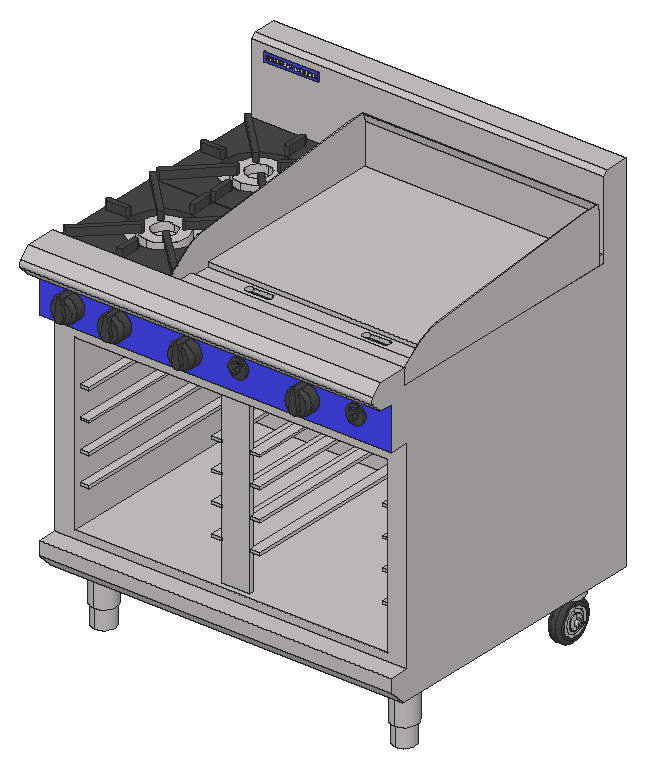
Revit family "QF_MOFFAT_BLUESEAL_CE_G516B-CB", category Specialty Equipment, Revit 2012 (continued)
Definition of nested family "GAS BURNER300 & GRIDDLE 600"
  Forms (mm)
    Extrusion 2, solid, material "QF_Finishes_Black"
      sketch origin (0, 0, 19.5) x (0, -1, 0) y (1, 0, 0)
        loop
          spline (193.424, 185.975) -> (192.663, 184.905) -> (192.262, 183.601) -> (192.249, 182.149) -> (192.625, 180.65) -> (193.363, 179.205) -> (194.414, 177.914) -> (195.705, 176.863) -> (197.15, 176.125) -> (198.649, 175.749) -> (200.101, 175.762) -> (201.405, 176.163) -> (202.475, 176.924)
          line (202.475, 176.924) -> (313.898, 284.847)
        loop
          spline (311.102, 143.6) -> (312.396, 143.818) -> (313.602, 144.457) -> (314.638, 145.475) -> (315.432, 146.8) -> (315.932, 148.344) -> (316.102, 150) -> (315.932, 151.656) -> (315.432, 153.2) -> (314.638, 154.525) -> (313.602, 155.543) -> (312.396, 156.182) -> (311.102, 156.4)
          line (311.102, 156.4) -> (261.898, 156.4)
          spline (261.898, 156.4) -> (260.604, 156.182) -> (259.398, 155.543) -> (258.362, 154.525) -> (257.568, 153.2) -> (257.068, 151.656) -> (256.898, 150) -> (257.068, 148.344) -> (257.568, 146.8) -> (258.362, 145.475) -> (259.398, 144.457) -> (260.604, 143.818) -> (261.898, 143.6)
          line (261.898, 143.6) -> (311.102, 143.6)
        loop
          line (313.898, 15.153) -> (202.475, 123.076)
          spline (202.475, 123.076) -> (201.405, 123.837) -> (200.101, 124.238) -> (198.649, 124.251) -> (197.15, 123.875) -> (195.705, 123.137) -> (194.414, 122.086) -> (193.363, 120.795) -> (192.625, 119.35) -> (192.249, 117.851) -> (192.262, 116.399) -> (192.663, 115.095) -> (193.424, 114.025)
          line (193.424, 114.025) -> (304.847, 6.102)
          spline (304.847, 6.102) -> (305.916, 5.341) -> (307.221, 4.941) -> (308.672, 4.928) -> (310.171, 5.303) -> (311.616, 6.041) -> (312.908, 7.092) -> (313.959, 8.384) -> (314.697, 9.829) -> (315.072, 11.328) -> (315.059, 12.779) -> (314.659, 14.084) -> (313.898, 15.153)
        loop
          line (172.9, 8.898) -> (172.9, 58.102)
          spline (172.9, 58.102) -> (172.682, 59.396) -> (172.043, 60.602) -> (171.025, 61.638) -> (169.7, 62.432) -> (168.156, 62.932) -> (166.5, 63.102) -> (164.844, 62.932) -> (163.3, 62.432) -> (161.975, 61.638) -> (160.957, 60.602) -> (160.318, 59.396) -> (160.1, 58.102)
          line (160.1, 58.102) -> (160.1, 8.898)
          spline (160.1, 8.898) -> (160.318, 7.604) -> (160.957, 6.398) -> (161.975, 5.362) -> (163.3, 4.568) -> (164.844, 4.068) -> (166.5, 3.898) -> (168.156, 4.068) -> (169.7, 4.568) -> (171.025, 5.362) -> (172.043, 6.398) -> (172.682, 7.604) -> (172.9, 8.898)
      from 0 to 20.5
    Extrusion 3, solid, material "QF_Finishes_Stainless Steel"
      sketch origin (0, -15.098, 0) x (0, -1, 0) y (1, 0, 0)
        loop
          circle (151.402, 150) r 57
        loop
          circle (451.402, 150) r 57
        loop
          circle (151.402, 150) r 30
        loop
          circle (451.402, 150) r 30
      from 0 to 20
  Lines and regions (mm)
    symbolic lines
      curve 1: line (284.847, -22.602, 0) -> (176.924, -130.525, 0)
      curve 2: spline (176.924, -130.525, 0) -> (176.163, -131.595, 0) -> (175.762, -132.899, 0) -> (175.749, -134.351, 0) -> (176.125, -135.85, 0) -> (176.863, -137.295, 0) -> (177.914, -138.586, 0) -> (179.205, -139.637, 0) -> (180.65, -140.375, 0) -> (182.149, -140.751, 0) -> (183.601, -140.738, 0) -> (184.905, -140.337, 0) -> (185.975, -139.576, 0)
      curve 3: line (185.975, -139.576, 0) -> (293.898, -31.653, 0)
      curve 4: spline (293.898, -31.653, 0) -> (294.659, -30.584, 0) -> (295.059, -29.279, 0) -> (295.072, -27.828, 0) -> (294.697, -26.329, 0) -> (293.959, -24.884, 0) -> (292.908, -23.592, 0) -> (291.616, -22.541, 0) -> (290.171, -21.803, 0) -> (288.672, -21.428, 0) -> (287.221, -21.441, 0) -> (285.916, -21.841, 0) -> (284.847, -22.602, 0)
      curve 5: line (291.102, -160.1, 0) -> (241.898, -160.1, 0)
      curve 6: spline (241.898, -160.1, 0) -> (240.604, -160.318, 0) -> (239.398, -160.957, 0) -> (238.362, -161.975, 0) -> (237.568, -163.3, 0) -> (237.068, -164.844, 0) -> (236.898, -166.5, 0) -> (237.068, -168.156, 0) -> (237.568, -169.7, 0) -> (238.362, -171.025, 0) -> (239.398, -172.043, 0) -> (240.604, -172.682, 0) -> (241.898, -172.9, 0)
      curve 7: line (241.898, -172.9, 0) -> (291.102, -172.9, 0)
      curve 8: arc (150, -223.5, 0) -> (168.725, -220.336, 0) -> (185.372, -211.197, 0) r 57
      curve 9: arc (150, -109.5, 0) -> (131.183, -112.696, 0) -> (114.475, -121.924, 0) r 57
      curve 10: arc (149.991, -84.418, 0) -> (178.523, -89.406, 0) -> (203.668, -103.781, 0) r 84.082
      curve 11: arc (149.991, -252.582, 0) -> (120.441, -247.219, 0) -> (94.661, -231.812, 0) r 84.082
      curve 12: line (156.4, -74.602, 0) -> (156.4, -25.398, 0)
      curve 13: spline (156.4, -25.398, 0) -> (156.182, -24.104, 0) -> (155.543, -22.898, 0) -> (154.525, -21.862, 0) -> (153.2, -21.068, 0) -> (151.656, -20.568, 0) -> (150, -20.398, 0) -> (148.344, -20.568, 0) -> (146.8, -21.068, 0) -> (145.475, -21.862, 0) -> (144.457, -22.898, 0) -> (143.818, -24.104, 0) -> (143.6, -25.398, 0)
      curve 14: line (143.6, -25.398, 0) -> (143.6, -74.602, 0)
      curve 15: spline (143.6, -74.602, 0) -> (143.818, -75.896, 0) -> (144.457, -77.102, 0) -> (145.475, -78.138, 0) -> (146.8, -78.932, 0) -> (148.344, -79.432, 0) -> (150, -79.602, 0) -> (151.656, -79.432, 0) -> (153.2, -78.932, 0) -> (154.525, -78.138, 0) -> (155.543, -77.102, 0) -> (156.182, -75.896, 0) -> (156.4, -74.602, 0)
      curve 16: line (296, 0, 0) -> (4, 0, 0)
      curve 17: arc (4, 0, 0) -> (1.879, -0.879, 0) -> (1, -3, 0) r 3
      curve 18: line (1, -3, 0) -> (1, -315.5, 0)
      curve 19: arc (1, -315.5, 0) -> (1.879, -317.621, 0) -> (4, -318.5, 0) r 3
      curve 20: line (4, -318.5, 0) -> (296, -318.5, 0)
      curve 21: line (296, -321.5, 0) -> (4, -321.5, 0)
      curve 22: arc (4, -321.5, 0) -> (1.879, -322.379, 0) -> (1, -324.5, 0) r 3
      curve 23: line (1, -324.5, 0) -> (1, -632, 0)
      curve 24: arc (1, -632, 0) -> (1.879, -634.121, 0) -> (4, -635, 0) r 3
      curve 25: line (4, -635, 0) -> (296, -635, 0)
      curve 26: line (293.898, -304.847, 0) -> (185.975, -193.424, 0)
      curve 27: spline (185.975, -193.424, 0) -> (184.905, -192.663, 0) -> (183.601, -192.262, 0) -> (182.149, -192.249, 0) -> (180.65, -192.625, 0) -> (179.205, -193.363, 0) -> (177.914, -194.414, 0) -> (176.863, -195.705, 0) -> (176.125, -197.15, 0) -> (175.749, -198.649, 0) -> (175.762, -200.101, 0) -> (176.163, -201.405, 0) -> (176.924, -202.475, 0)
      curve 28: line (176.924, -202.475, 0) -> (284.847, -313.898, 0)
      curve 29: spline (284.847, -313.898, 0) -> (285.916, -314.659, 0) -> (287.221, -315.059, 0) -> (288.672, -315.072, 0) -> (290.171, -314.697, 0) -> (291.616, -313.959, 0) -> (292.908, -312.908, 0) -> (293.959, -311.616, 0) -> (294.697, -310.171, 0) -> (295.072, -308.672, 0) -> (295.059, -307.221, 0) -> (294.659, -305.916, 0) -> (293.898, -304.847, 0)
      curve 30: line (15.153, -313.898, 0) -> (123.076, -202.475, 0)
      curve 31: spline (123.076, -202.475, 0) -> (123.837, -201.405, 0) -> (124.238, -200.101, 0) -> (124.251, -198.649, 0) -> (123.875, -197.15, 0) -> (123.137, -195.705, 0) -> (122.086, -194.414, 0) -> (120.795, -193.363, 0) -> (119.35, -192.625, 0) -> (117.851, -192.249, 0) -> (116.399, -192.262, 0) -> (115.095, -192.663, 0) -> (114.025, -193.424, 0)
      curve 32: line (114.025, -193.424, 0) -> (6.102, -304.847, 0)
      curve 33: spline (6.102, -304.847, 0) -> (5.341, -305.916, 0) -> (4.941, -307.221, 0) -> (4.928, -308.672, 0) -> (5.303, -310.171, 0) -> (6.041, -311.616, 0) -> (7.092, -312.908, 0) -> (8.384, -313.959, 0) -> (9.829, -314.697, 0) -> (11.328, -315.072, 0) -> (12.779, -315.059, 0) -> (14.084, -314.659, 0) -> (15.153, -313.898, 0)
      curve 34: line (8.898, -172.9, 0) -> (58.102, -172.9, 0)
      curve 35: spline (58.102, -172.9, 0) -> (59.396, -172.682, 0) -> (60.602, -172.043, 0) -> (61.638, -171.025, 0) -> (62.432, -169.7, 0) -> (62.932, -168.156, 0) -> (63.102, -166.5, 0) -> (62.932, -164.844, 0) -> (62.432, -163.3, 0) -> (61.638, -161.975, 0) -> (60.602, -160.957, 0) -> (59.396, -160.318, 0) -> (58.102, -160.1, 0)
      curve 36: line (58.102, -160.1, 0) -> (8.898, -160.1, 0)
      curve 37: spline (8.898, -160.1, 0) -> (7.604, -160.318, 0) -> (6.398, -160.957, 0) -> (5.362, -161.975, 0) -> (4.568, -163.3, 0) -> (4.068, -164.844, 0) -> (3.898, -166.5, 0) -> (4.068, -168.156, 0) -> (4.568, -169.7, 0) -> (5.362, -171.025, 0) -> (6.398, -172.043, 0) -> (7.604, -172.682, 0) -> (8.898, -172.9, 0)
      curve 38: line (6.102, -31.653, 0) -> (114.025, -139.576, 0)
      curve 39: spline (114.025, -139.576, 0) -> (115.095, -140.337, 0) -> (116.399, -140.738, 0) -> (117.851, -140.751, 0) -> (119.35, -140.375, 0) -> (120.795, -139.637, 0) -> (122.086, -138.586, 0) -> (123.137, -137.295, 0) -> (123.875, -135.85, 0) -> (124.251, -134.351, 0) -> (124.238, -132.899, 0) -> (123.837, -131.595, 0) -> (123.076, -130.525, 0)
      curve 40: line (123.076, -130.525, 0) -> (15.153, -22.602, 0)
      curve 41: spline (15.153, -22.602, 0) -> (13.924, -21.681, 0) -> (12.47, -21.131, 0) -> (10.89, -20.99, 0) -> (9.292, -21.267, 0) -> (7.786, -21.943, 0) -> (6.473, -22.973, 0) -> (5.443, -24.286, 0) -> (4.767, -25.792, 0) -> (4.49, -27.39, 0) -> (4.631, -28.97, 0) -> (5.181, -30.424, 0) -> (6.102, -31.653, 0)
      curve 42: arc (150, -136.5, 0) -> (180, -166.5, 0) -> (150, -196.5, 0) r 30
      curve 43: arc (150, -196.5, 0) -> (120, -166.5, 0) -> (150, -136.5, 0) r 30
      curve 44: line (156.4, -311.102, 0) -> (156.4, -261.898, 0)
      curve 45: spline (156.4, -261.898, 0) -> (156.182, -260.604, 0) -> (155.543, -259.398, 0) -> (154.525, -258.362, 0) -> (153.2, -257.568, 0) -> (151.656, -257.068, 0) -> (150, -256.898, 0) -> (148.344, -257.068, 0) -> (146.8, -257.568, 0) -> (145.475, -258.362, 0) -> (144.457, -259.398, 0) -> (143.818, -260.604, 0) -> (143.6, -261.898, 0)
      curve 46: line (143.6, -261.898, 0) -> (143.6, -311.102, 0)
      curve 47: spline (143.6, -311.102, 0) -> (143.818, -312.396, 0) -> (144.457, -313.602, 0) -> (145.475, -314.638, 0) -> (146.8, -315.432, 0) -> (148.344, -315.932, 0) -> (150, -316.102, 0) -> (151.656, -315.932, 0) -> (153.2, -315.432, 0) -> (154.525, -314.638, 0) -> (155.543, -313.602, 0) -> (156.182, -312.396, 0) -> (156.4, -311.102, 0)
      curve 48: line (156.4, -378.102, 0) -> (156.4, -328.898, 0)
      curve 49: spline (156.4, -328.898, 0) -> (156.182, -327.604, 0) -> (155.543, -326.398, 0) -> (154.525, -325.362, 0) -> (153.2, -324.568, 0) -> (151.656, -324.068, 0) -> (150, -323.898, 0) -> (148.344, -324.068, 0) -> (146.8, -324.568, 0) -> (145.475, -325.362, 0) -> (144.457, -326.398, 0) -> (143.818, -327.604, 0) -> (143.6, -328.898, 0)
      curve 50: line (143.6, -328.898, 0) -> (143.6, -378.102, 0)
      curve 51: spline (143.6, -378.102, 0) -> (143.818, -379.396, 0) -> (144.457, -380.602, 0) -> (145.475, -381.638, 0) -> (146.8, -382.432, 0) -> (148.344, -382.932, 0) -> (150, -383.102, 0) -> (151.656, -382.932, 0) -> (153.2, -382.432, 0) -> (154.525, -381.638, 0) -> (155.543, -380.602, 0) -> (156.182, -379.396, 0) -> (156.4, -378.102, 0)
      curve 52: line (284.847, -326.102, 0) -> (176.924, -434.025, 0)
      curve 53: spline (176.924, -434.025, 0) -> (176.163, -435.095, 0) -> (175.762, -436.399, 0) -> (175.749, -437.851, 0) -> (176.125, -439.35, 0) -> (176.863, -440.795, 0) -> (177.914, -442.086, 0) -> (179.205, -443.137, 0) -> (180.65, -443.875, 0) -> (182.149, -444.251, 0) -> (183.601, -444.238, 0) -> (184.905, -443.837, 0) -> (185.975, -443.076, 0)
      curve 54: line (185.975, -443.076, 0) -> (293.898, -335.153, 0)
      curve 55: spline (293.898, -335.153, 0) -> (294.659, -334.084, 0) -> (295.059, -332.779, 0) -> (295.072, -331.328, 0) -> (294.697, -329.829, 0) -> (293.959, -328.384, 0) -> (292.908, -327.092, 0) -> (291.616, -326.041, 0) -> (290.171, -325.303, 0) -> (288.672, -324.928, 0) -> (287.221, -324.941, 0) -> (285.916, -325.341, 0) -> (284.847, -326.102, 0)
      curve 56: line (123.076, -434.025, 0) -> (15.153, -326.102, 0)
      curve 57: spline (15.153, -326.102, 0) -> (13.924, -325.181, 0) -> (12.47, -324.631, 0) -> (10.89, -324.49, 0) -> (9.292, -324.767, 0) -> (7.786, -325.443, 0) -> (6.473, -326.473, 0) -> (5.443, -327.786, 0) -> (4.767, -329.292, 0) -> (4.49, -330.89, 0) -> (4.631, -332.47, 0) -> (5.181, -333.924, 0) -> (6.102, -335.153, 0)
      curve 58: line (6.102, -335.153, 0) -> (114.025, -443.076, 0)
      curve 59: spline (114.025, -443.076, 0) -> (115.095, -443.837, 0) -> (116.399, -444.238, 0) -> (117.851, -444.251, 0) -> (119.35, -443.875, 0) -> (120.795, -443.137, 0) -> (122.086, -442.086, 0) -> (123.137, -440.795, 0) -> (123.875, -439.35, 0) -> (124.251, -437.851, 0) -> (124.238, -436.399, 0) -> (123.837, -435.095, 0) -> (123.076, -434.025, 0)
      curve 60: line (58.102, -463.6, 0) -> (8.898, -463.6, 0)
      curve 61: spline (8.898, -463.6, 0) -> (7.604, -463.818, 0) -> (6.398, -464.457, 0) -> (5.362, -465.475, 0) -> (4.568, -466.8, 0) -> (4.068, -468.344, 0) -> (3.898, -470, 0) -> (4.068, -471.656, 0) -> (4.568, -473.2, 0) -> (5.362, -474.525, 0) -> (6.398, -475.543, 0) -> (7.604, -476.182, 0) -> (8.898, -476.4, 0)
      curve 62: line (8.898, -476.4, 0) -> (58.102, -476.4, 0)
      curve 63: spline (58.102, -476.4, 0) -> (59.396, -476.182, 0) -> (60.602, -475.543, 0) -> (61.638, -474.525, 0) -> (62.432, -473.2, 0) -> (62.932, -471.656, 0) -> (63.102, -470, 0) -> (62.932, -468.344, 0) -> (62.432, -466.8, 0) -> (61.638, -465.475, 0) -> (60.602, -464.457, 0) -> (59.396, -463.818, 0) -> (58.102, -463.6, 0)
      curve 64: line (114.025, -496.924, 0) -> (6.102, -603.347, 0)
      curve 65: spline (6.102, -603.347, 0) -> (5.341, -604.416, 0) -> (4.941, -605.721, 0) -> (4.928, -607.172, 0) -> (5.303, -608.671, 0) -> (6.041, -610.116, 0) -> (7.092, -611.408, 0) -> (8.384, -612.459, 0) -> (9.829, -613.197, 0) -> (11.328, -613.572, 0) -> (12.779, -613.559, 0) -> (14.084, -613.159, 0) -> (15.153, -612.398, 0)
      curve 66: line (15.153, -612.398, 0) -> (123.076, -505.975, 0)
      curve 67: spline (123.076, -505.975, 0) -> (123.837, -504.905, 0) -> (124.238, -503.601, 0) -> (124.251, -502.149, 0) -> (123.875, -500.65, 0) -> (123.137, -499.205, 0) -> (122.086, -497.914, 0) -> (120.795, -496.863, 0) -> (119.35, -496.125, 0) -> (117.851, -495.749, 0) -> (116.399, -495.762, 0) -> (115.095, -496.163, 0) -> (114.025, -496.924, 0)
      curve 68: line (156.4, -609.602, 0) -> (156.4, -561.898, 0)
      curve 69: spline (156.4, -561.898, 0) -> (156.182, -560.604, 0) -> (155.543, -559.398, 0) -> (154.525, -558.362, 0) -> (153.2, -557.568, 0) -> (151.656, -557.068, 0) -> (150, -556.898, 0) -> (148.344, -557.068, 0) -> (146.8, -557.568, 0) -> (145.475, -558.362, 0) -> (144.457, -559.398, 0) -> (143.818, -560.604, 0) -> (143.6, -561.898, 0)
      curve 70: line (143.6, -561.898, 0) -> (143.6, -609.602, 0)
      curve 71: spline (143.6, -609.602, 0) -> (143.818, -610.896, 0) -> (144.457, -612.102, 0) -> (145.475, -613.138, 0) -> (146.8, -613.932, 0) -> (148.344, -614.432, 0) -> (150, -614.602, 0) -> (151.656, -614.432, 0) -> (153.2, -613.932, 0) -> (154.525, -613.138, 0) -> (155.543, -612.102, 0) -> (156.182, -610.896, 0) -> (156.4, -609.602, 0)
      curve 72: line (176.924, -505.975, 0) -> (284.847, -612.398, 0)
      curve 73: spline (284.847, -612.398, 0) -> (285.916, -613.159, 0) -> (287.221, -613.559, 0) -> (288.672, -613.572, 0) -> (290.171, -613.197, 0) -> (291.616, -612.459, 0) -> (292.908, -611.408, 0) -> (293.959, -610.116, 0) -> (294.697, -608.671, 0) -> (295.072, -607.172, 0) -> (295.059, -605.721, 0) -> (294.659, -604.416, 0) -> (293.898, -603.347, 0)
      curve 74: line (293.898, -603.347, 0) -> (185.975, -496.924, 0)
      curve 75: spline (185.975, -496.924, 0) -> (184.905, -496.163, 0) -> (183.601, -495.762, 0) -> (182.149, -495.749, 0) -> (180.65, -496.125, 0) -> (179.205, -496.863, 0) -> (177.914, -497.914, 0) -> (176.863, -499.205, 0) -> (176.125, -500.65, 0) -> (175.749, -502.149, 0) -> (175.762, -503.601, 0) -> (176.163, -504.905, 0) -> (176.924, -505.975, 0)
      curve 76: arc (149.991, -384.418, 0) -> (179.687, -389.836, 0) -> (205.556, -405.393, 0) r 84.082
      curve 77: arc (149.991, -552.582, 0) -> (121.173, -547.489, 0) -> (95.845, -532.827, 0) r 84.082
      curve 78: arc (150, -523.5, 0) -> (167.666, -520.693, 0) -> (183.592, -512.55, 0) r 57
      curve 79: arc (150, -409.5, 0) -> (130.014, -413.119, 0) -> (112.566, -423.515, 0) r 57
      curve 80: arc (150, -436.5, 0) -> (180, -466.5, 0) -> (150, -496.5, 0) r 30
      curve 81: arc (150, -496.5, 0) -> (120, -466.5, 0) -> (150, -436.5, 0) r 30
      curve 82: line (291.102, -463.6, 0) -> (241.898, -463.6, 0)
      curve 83: spline (241.898, -463.6, 0) -> (240.604, -463.818, 0) -> (239.398, -464.457, 0) -> (238.362, -465.475, 0) -> (237.568, -466.8, 0) -> (237.068, -468.344, 0) -> (236.898, -470, 0) -> (237.068, -471.656, 0) -> (237.568, -473.2, 0) -> (238.362, -474.525, 0) -> (239.398, -475.543, 0) -> (240.604, -476.182, 0) -> (241.898, -476.4, 0)
      curve 84: line (241.898, -476.4, 0) -> (291.102, -476.4, 0)
      curve 85: arc (96.324, -103.773, 0) -> (121.466, -89.404, 0) -> (149.991, -84.418, 0) r 84.082
      curve 86: arc (212.871, -112.68, 0) -> (234.066, -167.408, 0) -> (214.3, -222.668, 0) r 84.082
      curve 87: arc (194.454, -202.178, 0) -> (207, -166.598, 0) -> (194.576, -130.975, 0) r 57
      curve 88: arc (114.628, -211.197, 0) -> (131.275, -220.336, 0) -> (150, -223.5, 0) r 57
      curve 89: arc (105.424, -130.975, 0) -> (93, -166.598, 0) -> (105.546, -202.178, 0) r 57
      curve 90: arc (187.434, -423.515, 0) -> (169.986, -413.119, 0) -> (150, -409.5, 0) r 57
      curve 91: arc (103.911, -432.962, 0) -> (93.053, -468.956, 0) -> (106.969, -503.881, 0) r 57
      curve 92: arc (109.732, -506.842, 0) -> (110.614, -507.704, 0) -> (111.516, -508.547, 0) r 57
      curve 93: arc (193.031, -503.881, 0) -> (206.947, -468.956, 0) -> (196.089, -432.962, 0) r 57
      curve 94: arc (214.491, -414.56, 0) -> (234.068, -469.429, 0) -> (213.283, -523.853, 0) r 84.082
      curve 95: arc (94.436, -405.385, 0) -> (120.301, -389.834, 0) -> (149.991, -384.418, 0) r 84.082
      curve 96: arc (86.707, -523.862, 0) -> (65.914, -469.429, 0) -> (85.499, -414.55, 0) r 84.082
      curve 97: arc (116.408, -512.55, 0) -> (132.334, -520.693, 0) -> (150, -523.5, 0) r 57
      curve 98: arc (204.147, -532.819, 0) -> (178.816, -547.487, 0) -> (149.991, -552.582, 0) r 84.082
      curve 99: arc (185.525, -121.924, 0) -> (168.817, -112.696, 0) -> (150, -109.5, 0) r 57
      curve 100: arc (205.331, -231.803, 0) -> (179.547, -247.216, 0) -> (149.991, -252.582, 0) r 84.082
      curve 101: arc (85.69, -222.678, 0) -> (65.916, -167.408, 0) -> (87.119, -112.67, 0) r 84.082
      curve 102: line (299, -315.5, 0) -> (299, -3, 0)
      curve 103: arc (299, -3, 0) -> (298.121, -0.879, 0) -> (296, 0, 0) r 3
      curve 104: spline (291.102, -172.9, 0) -> (292.396, -172.682, 0) -> (293.602, -172.043, 0) -> (294.638, -171.025, 0) -> (295.432, -169.7, 0) -> (295.932, -168.156, 0) -> (296.102, -166.5, 0) -> (295.932, -164.844, 0) -> (295.432, -163.3, 0) -> (294.638, -161.975, 0) -> (293.602, -160.957, 0) -> (292.396, -160.318, 0) -> (291.102, -160.1, 0)
      curve 105: spline (291.102, -476.4, 0) -> (292.396, -476.182, 0) -> (293.602, -475.543, 0) -> (294.638, -474.525, 0) -> (295.432, -473.2, 0) -> (295.932, -471.656, 0) -> (296.102, -470, 0) -> (295.932, -468.344, 0) -> (295.432, -466.8, 0) -> (294.638, -465.475, 0) -> (293.602, -464.457, 0) -> (292.396, -463.818, 0) -> (291.102, -463.6, 0)
      curve 106: arc (296, -635, 0) -> (298.121, -634.121, 0) -> (299, -632, 0) r 3
      curve 107: line (299, -632, 0) -> (299, -324.5, 0)
      curve 108: arc (299, -324.5, 0) -> (298.121, -322.379, 0) -> (296, -321.5, 0) r 3
      curve 109: arc (296, -318.5, 0) -> (298.121, -317.621, 0) -> (299, -315.5, 0) r 3
  Dimensions and locks
    equal spacing: plane 3 "LEFT", plane 7 "Center Y", plane 4 "RIGHT"
    "Width": plane 3 "LEFT" to plane 4 "RIGHT"
    equal spacing: plane 5 "FRONT", plane 8 "Center X", plane 1 "BACK"
    "Depth": plane 5 "FRONT" to plane 1 "BACK"
    aligned and locked: level to plane 2
  Automatic sketch dimensions
    curve 8 to curve 9 = 0 mm
    curve 8 to curve 42 = 0 mm  (x2)
    curve 8 to curve 87 = 0 mm  (x2)
    curve 8 to curve 88 = 0 mm
    curve 8 to curve 89 = 0 mm
    curve 8 to curve 99 = 0 mm  (x2)
    curve 9 to curve 89 = 0 mm
    curve 10 to curve 11 = 0 mm  (x2)
    curve 10 to curve 85 = 0 mm
    curve 10 to curve 86 = 0 mm  (x2)
    curve 10 to curve 100 = 0 mm
    curve 10 to curve 101 = 0 mm  (x2)
    curve 76 to curve 77 = 0 mm  (x2)
    curve 76 to curve 94 = 0 mm  (x2)
    curve 76 to curve 95 = 0 mm
    curve 76 to curve 96 = 0 mm  (x2)
    curve 76 to curve 98 = 0 mm
    curve 78 to curve 79 = 0 mm
    curve 78 to curve 80 = 0 mm  (x2)
    curve 78 to curve 90 = 0 mm  (x2)
    curve 78 to curve 91 = 0 mm
    curve 78 to curve 92 = 0 mm
    curve 78 to curve 93 = 0 mm  (x2)
    curve 78 to curve 97 = 0 mm
    curve 79 to curve 91 = 0 mm
    curve 79 to curve 92 = 0 mm
    plane 5 "FRONT" to curve 24 = 0 mm
    plane 1 "BACK" to curve 103 = 0 mm
    plane 3 "LEFT" to curve 18 = 1 mm
    plane 3 "LEFT" to curve 22 = 1 mm
    plane 3 "LEFT" to curve 24 = 4 mm
    curve 19 to curve 19 = 3 mm
    plane 3 "LEFT" to curve 17 = 4 mm
    curve 21 to curve 19 = 0 mm
    plane 3 "LEFT" to curve 57 = 6.102 mm
    plane 3 "LEFT" to curve 32 = 6.102 mm
    plane 3 "LEFT" to curve 41 = 6.102 mm
    plane 3 "LEFT" to curve 64 = 6.102 mm
    plane 3 "LEFT" to curve 37 = 8.898 mm
    plane 3 "LEFT" to curve 60 = 8.898 mm
    curve 57 to curve 57 = 4.525 mm
    curve 33 to curve 33 = 4.525 mm
    curve 64 to curve 65 = 4.525 mm
    curve 38 to curve 41 = 4.525 mm
    plane 8 "Center X" to curve 30 = 3.602 mm
    curve 60 to curve 96 = 27.397 mm
    curve 35 to curve 101 = 27.588 mm
    curve 96 to curve 95 = 8.937 mm
    curve 101 to curve 11 = 8.97 mm
    curve 96 to curve 91 = 18.412 mm
    curve 101 to curve 89 = 18.305 mm
    curve 101 to curve 89 = 19.856 mm
    curve 96 to curve 91 = 20.262 mm
    curve 91 to curve 92 = 2.762 mm
    curve 92 to curve 92 = 1.784 mm
    curve 91 to curve 79 = 8.655 mm
    curve 89 to curve 39 = 8.601 mm
    curve 91 to curve 67 = 7.056 mm
    curve 89 to curve 32 = 8.479 mm
    curve 92 to curve 97 = 4.893 mm
    curve 67 to curve 67 = 4.525 mm
    curve 59 to curve 59 = 4.525 mm
    curve 32 to curve 31 = 4.525 mm
    curve 38 to curve 39 = 4.525 mm
    curve 85 to curve 15 = 47.276 mm
    curve 77 to curve 70 = 47.755 mm
    curve 11 to curve 45 = 48.939 mm
    curve 76 to curve 97 = 0.009 mm
    curve 10 to curve 42 = 0.009 mm
    curve 70 to curve 71 = 6.4 mm
    curve 14 to curve 15 = 6.4 mm
    curve 76 to curve 51 = 0.009 mm
    curve 46 to curve 47 = 6.4 mm
    curve 50 to curve 49 = 6.4 mm
    curve 1 to curve 2 = 4.525 mm
    curve 53 to curve 53 = 4.525 mm
    curve 27 to curve 27 = 4.525 mm
    curve 72 to curve 75 = 4.525 mm
    curve 75 to curve 78 = 6.668 mm
    curve 28 to curve 8 = 8.448 mm
    curve 2 to curve 99 = 8.601 mm  (x2)
    curve 27 to curve 87 = 8.479 mm
    curve 2 to curve 87 = 8.601 mm
    curve 90 to curve 93 = 8.655 mm
    curve 99 to curve 10 = 18.144 mm
    curve 78 to curve 98 = 20.555 mm
    curve 8 to curve 100 = 19.959 mm
    curve 90 to curve 76 = 18.122 mm
    curve 100 to curve 86 = 8.969 mm
    curve 76 to curve 94 = 8.936 mm
    curve 93 to curve 82 = 45.809 mm
    curve 87 to curve 7 = 47.444 mm
    plane 1 "BACK" to curve 4 = 22.602 mm
    curve 52 to plane 8 "Center X" = 8.602 mm
    plane 8 "Center X" to curve 28 = 3.602 mm
    curve 28 to curve 52 = 0 mm
    curve 72 to plane 5 "FRONT" = 22.602 mm
    curve 1 to curve 4 = 4.525 mm
    curve 55 to curve 55 = 4.525 mm
    curve 28 to curve 29 = 4.525 mm
    curve 72 to curve 73 = 4.525 mm
    curve 82 to curve 105 = 49.204 mm
    curve 6 to curve 104 = 49.204 mm
    curve 108 to plane 8 "Center X" = 4 mm
    curve 55 to curve 108 = 6.628 mm
    plane 8 "Center X" to curve 109 = 2 mm
    curve 109 to curve 108 = 0 mm
    curve 72 to curve 25 = 11.153 mm
    curve 4 to curve 16 = 11.153 mm
    curve 108 to curve 107 = 3 mm
    plane 1 "BACK" to curve 103 = 3 mm
    curve 24 to curve 65 = 19.602 mm
    curve 70 to plane 5 "FRONT" = 25.398 mm
    curve 69 to curve 98 = 9.316 mm
    curve 77 to curve 96 = 8.965 mm
    curve 98 to curve 94 = 8.967 mm
    curve 97 to curve 92 = 4.003 mm
    curve 78 to curve 72 = 6.575 mm
    curve 97 to curve 66 = 6.575 mm
    curve 92 to curve 91 = 2.96 mm
    curve 93 to curve 75 = 6.958 mm
    curve 78 to curve 81 = 27 mm
    curve 96 to curve 61 = 47.462 mm
    curve 94 to curve 84 = 47.453 mm
    curve 61 to curve 61 = 6.4 mm
    curve 105 to curve 105 = 6.4 mm
    curve 59 to curve 91 = 10.114 mm
    curve 53 to curve 93 = 10.114 mm
    curve 94 to curve 76 = 9.166 mm
    curve 96 to curve 95 = 9.165 mm
    curve 76 to curve 51 = 6.316 mm
    curve 57 to plane 8 "Center X" = 17.653 mm
    curve 49 to plane 8 "Center X" = 11.398 mm
    curve 19 to plane 8 "Center X" = 1 mm
    plane 8 "Center X" to curve 46 = 6.398 mm
    curve 45 to curve 11 = 9.316 mm
    curve 88 to curve 31 = 8.722 mm
    curve 8 to curve 28 = 8.722 mm
    curve 89 to curve 31 = 8.754 mm
    curve 8 to curve 42 = 27 mm
    curve 101 to curve 34 = 49.778 mm
    curve 86 to curve 7 = 49.768 mm
    curve 6 to curve 6 = 6.4 mm
    curve 34 to curve 35 = 6.4 mm
    curve 38 to curve 89 = 8.601 mm
    curve 40 to curve 9 = 8.601 mm
    curve 86 to curve 10 = 8.899 mm
    curve 101 to curve 85 = 8.898 mm
    curve 10 to curve 15 = 9.816 mm
    plane 1 "BACK" to curve 13 = 25.398 mm
    plane 1 "BACK" to Extrusion 1 sketch curve = 0 mm
    plane 5 "FRONT" to Extrusion 1 sketch curve = 0 mm
    plane 3 "LEFT" to Extrusion 1 sketch curve = 1 mm  (x2)
    plane 1 "BACK" to Extrusion 1 sketch curve = 3 mm  (x2)
    plane 8 "Center X" to Extrusion 1 sketch curve = 149 mm
    plane 8 "Center X" to Extrusion 1 sketch curve = 2 mm  (x2)
    Extrusion 1 sketch curve to plane 8 "Center X" = 1 mm
    Extrusion 1 sketch curve to Extrusion 1 sketch curve = 3 mm  (x3)
    Extrusion 1 sketch curve to plane 8 "Center X" = 151 mm
    Extrusion 1 sketch curve to plane 5 "FRONT" = 3 mm  (x2)
    plane 3 "LEFT" to Extrusion 1 sketch curve = 149.991 mm  (x2)
    Extrusion 1 sketch curve to plane 7 "Center Y" = 154 mm
    Extrusion 1 sketch curve to Extrusion 1 sketch curve = 0 mm
    Extrusion 2 sketch curve to Extrusion 1 = 22.602 mm  (x2)
    Extrusion 2 sketch curve to Extrusion 1 = 25.398 mm  (x2)
    Extrusion 2 sketch curve to Extrusion 2 sketch curve = 4.525 mm  (x16)
    Extrusion 2 sketch curve to Extrusion 2 sketch curve = 49.204 mm  (x5)
    Extrusion 2 sketch curve to Extrusion 2 sketch curve = 55.923 mm  (x5)
    Extrusion 2 sketch curve to Extrusion 2 sketch curve = 0 mm  (x5)
    Extrusion 2 sketch curve to Extrusion 2 sketch curve = 20.524 mm  (x8)
    Extrusion 2 sketch curve to Extrusion 2 sketch curve = 6.4 mm  (x8)
    Extrusion 2 sketch curve to Extrusion 2 sketch curve = 53.847 mm  (x8)
    Extrusion 2 sketch curve to Extrusion 1 = 56.602 mm
    Extrusion 2 sketch curve to Extrusion 1 = 5.102 mm  (x6)
    Extrusion 2 sketch curve to Extrusion 1 = 13.653 mm  (x2)
    Extrusion 2 sketch curve to Extrusion 1 = 7.398 mm  (x2)
    Extrusion 2 sketch curve to Extrusion 1 = 4.602 mm  (x2)
    Extrusion 2 sketch curve to Extrusion 1 = 7.898 mm  (x4)
    Extrusion 2 sketch curve to Extrusion 1 = 31.653 mm  (x2)
    Extrusion 2 sketch curve to Extrusion 1 = 57.102 mm
    Extrusion 2 sketch curve to Extrusion 1 = 14.153 mm
    Extrusion 3 sketch curve to Extrusion 3 sketch curve = 0 mm  (x24)
    plane 1 "BACK" to Extrusion 3 sketch curve = 109.5 mm
    Extrusion 3 sketch curve to Extrusion 3 sketch curve = 27 mm  (x2)
    Extrusion 3 sketch curve to Extrusion 3 sketch curve = 30 mm  (x2)
    Extrusion 3 sketch curve to plane 8 "Center X" = 92 mm
    plane 3 "LEFT" to Extrusion 3 sketch curve = 150 mm  (x2)
    radius of Extrusion 1 sketch curve = 84.082 mm  (x2)
  Nested families
    nested 1: "GAS GRIDDLE PLATE 600" at (300, -15, 0), type "GAS GRIDDLE PLATE 600"
      with Width 600 mm, Type Mark "", Status "", Specification by User "", Revision Code "", Item Number "", Installed By "", Identify Quantity as Lot yes, Furnished By "", Foodservice Equipment Identifier yes, Depth 620 mm
  Definition of nested family "GAS GRIDDLE PLATE 600"
    Parameters (values of type "GAS GRIDDLE PLATE 600")
      Width [instance] = 600 mm
      Weight in Pounds = 0
      URL Cutsheet = ""
      Type Mark [instance] = ""
      Status [instance] = ""
      Specification by User [instance] = ""
      Specification by Manufacturer = ""
      Serial Number = ""
      Seismic Rating = ""
      SMACNA No = ""
      Revision Code [instance] = ""
      Omniclass Number and Title = ""
      NAFEM Spec ID Number = ""
      Masterspec = ""
      Item Number [instance] = ""
      Installed By [instance] = ""
      Identify Quantity as Lot [instance] = yes
      Furnished By [instance] = ""
      Foodservice Equipment Identifier [instance] = yes
      Depth [instance] = 620 mm
      CSI MasterFormat = ""
      CSI Master Format = ""
    Reference planes
      plane 1 "BACK": y = 0
      plane 2: z = 0
      plane 3 "LEFT": x = 0
      plane 4 "RIGHT": x = 600
      plane 5 "FRONT": y = -620
      plane 6 "TOP": z = 142.5
      plane 7 "Center Y": x = 300
      plane 8 "Center X": y = -310
      plane 9: y = -530.997
      plane 10: y = -541.497
      plane 11: y = -503.25
      plane 12: y = -557.737
    Forms (mm)
      Extrusion 1, solid, material "QF_Finishes_Stainless Steel"
        sketch origin (0, 70.003, -874.5) x (0, 1, 0) y (0, 0, 1)
          loop
            line (-70, 875) -> (-70, 997.489) -> (-75.228, 1017) -> (-117.24, 1017) -> (-589.533, 971.523)
            arc (-589.533, 971.523) -> (-614.56, 965.803) -> (-637.306, 953.899) r 100
            line (-637.306, 953.899) -> (-690.003, 917) -> (-690.003, 875) -> (-70, 875)
        from 0 to 1.8
      Extrusion 2, solid, material "QF_Finishes_Stainless Steel"
        sketch origin (600, 70.003, -874.5) x (0, -1, 0) y (0, 0, 1)
          loop
            line (70, 875) -> (690.003, 875) -> (690.003, 917) -> (637.306, 953.899)
            arc (637.306, 953.899) -> (614.56, 965.803) -> (589.533, 971.523) r 100
            line (589.533, 971.523) -> (117.24, 1017) -> (75.228, 1017) -> (70, 997.489) -> (70, 875)
        from 0 to 1.2
      Extrusion 3, solid, material "QF_Finishes_Stainless Steel"
        sketch origin (150, 70.003, -874.5) x (0, 1, 0) y (0, 0, 1)
          loop
            line (-55, 895) -> (-573.253, 895) -> (-573.253, 884.5) -> (-627.74, 884.5) -> (-627.74, 895) -> (-690.003, 895) -> (-690.003, 875) -> (-55, 875) -> (-55, 895)
        from -148.2 to 448.8
      Extrusion 4, void
        sketch origin (150, -541.497, 10) x (0, -1, 0) y (1, 0, 0)
          loop
            arc (-7.497, 25.113) -> (-17.497, 35.113) -> (-27.497, 25.113) r 10
            line (-27.497, 25.113) -> (-27.497, -24.887)
            arc (-27.497, -24.887) -> (-17.497, -34.887) -> (-7.497, -24.887) r 10
            line (-7.497, -24.887) -> (-7.497, 25.113)
          loop
            line (-7.497, 274.887) -> (-7.497, 324.887)
            arc (-7.497, 324.887) -> (-17.497, 334.887) -> (-27.497, 324.887) r 10
            line (-27.497, 324.887) -> (-27.497, 274.887)
            arc (-27.497, 274.887) -> (-17.497, 264.887) -> (-7.497, 274.887) r 10
        from -41.4 to 40.142
      Extrusion 5, solid, material "QF_Finishes_Stainless Steel"
        sketch origin (0, 70.003, -874.5) x (0, 1, 0) y (0, 0, 1)
          loop
            line (-70, 875) -> (-70, 997.489) -> (-75.228, 1017) -> (-76.884, 1017) -> (-71.6, 997.278) -> (-71.6, 875) -> (-70, 875)
        from 0 to 598.8
    Cuts and joins
      Extrusion 4 cuts Extrusion 3
      joined: Extrusion 1, Extrusion 2, Extrusion 3, Extrusion 5
    Lines and regions (mm)
      symbolic lines
        curve 1: line (600, -503.25, 0) -> (0, -503.25, 0)
        curve 2: line (0, -557.737, 0) -> (600, -557.737, 0)
        curve 3: line (0, -1.68, 0) -> (600, -1.68, 0)
        curve 4: line (600, -1.68, 0) -> (600, -620, 0)
        curve 5: line (0, -620, 0) -> (0, -1.68, 0)
        curve 6: line (0, -620, 0) -> (600, -620, 0)
        curve 7: arc (175.113, -534, 0) -> (185.113, -524, 0) -> (175.113, -514, 0) r 10
        curve 8: line (175.113, -514, 0) -> (125.113, -514, 0)
        curve 9: arc (125.113, -514, 0) -> (115.113, -524, 0) -> (125.113, -534, 0) r 10
        curve 10: line (125.113, -534, 0) -> (175.113, -534, 0)
        curve 11: arc (424.887, -534, 0) -> (414.887, -524, 0) -> (424.887, -514, 0) r 10
        curve 12: line (424.887, -514, 0) -> (474.887, -514, 0)
        curve 13: arc (474.887, -514, 0) -> (484.887, -524, 0) -> (474.887, -534, 0) r 10
        curve 14: line (474.887, -534, 0) -> (424.887, -534, 0)
    Dimensions and locks
      equal spacing: plane 3 "LEFT", plane 7 "Center Y", plane 4 "RIGHT"
      "Width": plane 3 "LEFT" to plane 4 "RIGHT"
      equal spacing: plane 5 "FRONT", plane 8 "Center X", plane 1 "BACK"
      "Depth": plane 5 "FRONT" to plane 1 "BACK"
      locked: Extrusion 2 to Extrusion 2 at 1.2
      aligned and locked: level to plane 2
      aligned and locked: Extrusion 2 to plane 4 "RIGHT"
      aligned and locked: curve 1 to plane 11
      aligned and locked: plane 12 to curve 2
      aligned and locked: Extrusion 5 to cut or joined group of Extrusion 1, Extrusion 2, Extrusion 3, Extrusion 4, Extrusion 5
    Automatic sketch dimensions
      Extrusion 1 sketch curve to plane 5 "FRONT" = 0 mm
      Extrusion 1 sketch curve to plane 6 "TOP" = 0 mm
      plane 12 to Extrusion 1 sketch curve = 9.566 mm
      plane 11 to Extrusion 1 sketch curve = 16.28 mm
      Extrusion 1 sketch curve to level = 2.516 mm
      plane 11 to Extrusion 1 sketch curve = 6.695 mm
      plane 1 "BACK" to Extrusion 1 sketch curve = 47.237 mm
      plane 1 "BACK" to Extrusion 1 sketch curve = 5.225 mm
      Extrusion 1 sketch curve to plane 1 "BACK" = 0.003 mm
      level to Extrusion 1 sketch curve = 0.5 mm
      Extrusion 1 sketch curve to Extrusion 1 sketch curve = 42 mm
      Extrusion 1 sketch curve to plane 6 "TOP" = 63.101 mm
      Extrusion 1 sketch curve to plane 6 "TOP" = 19.511 mm
      Extrusion 2 sketch curve to plane 6 "TOP" = 0 mm
      Extrusion 2 sketch curve to plane 5 "FRONT" = 0 mm
      plane 12 to Extrusion 2 sketch curve = 9.566 mm
      plane 11 to Extrusion 2 sketch curve = 16.28 mm
      Extrusion 2 sketch curve to level = 2.516 mm
      plane 11 to Extrusion 2 sketch curve = 6.695 mm
      plane 1 "BACK" to Extrusion 2 sketch curve = 47.237 mm
      plane 1 "BACK" to Extrusion 2 sketch curve = 5.225 mm
      Extrusion 2 sketch curve to plane 1 "BACK" = 0.003 mm
      level to Extrusion 2 sketch curve = 0.5 mm
      Extrusion 2 sketch curve to Extrusion 2 sketch curve = 42 mm
      Extrusion 2 sketch curve to plane 6 "TOP" = 63.101 mm
      Extrusion 2 sketch curve to plane 6 "TOP" = 19.511 mm
      Extrusion 3 sketch curve to plane 5 "FRONT" = 0 mm
      Extrusion 3 sketch curve to plane 12 = 0 mm
      Extrusion 3 sketch curve to plane 11 = 0 mm
      Extrusion 3 sketch curve to plane 1 "BACK" = 15.003 mm
      level to Extrusion 3 sketch curve = 0.5 mm
      level to Extrusion 3 sketch curve = 10 mm
      Extrusion 3 sketch curve to Extrusion 3 sketch curve = 10.5 mm  (x2)
      plane 1 "BACK" to Extrusion 5 sketch curve = 5.225 mm
      Extrusion 5 sketch curve to plane 1 "BACK" = 0.003 mm
      Extrusion 5 sketch curve to plane 6 "TOP" = 19.511 mm
      Extrusion 5 sketch curve to Extrusion 5 sketch curve = 1.6 mm
      Extrusion 5 sketch curve to Extrusion 5 sketch curve = 0.211 mm
      Extrusion 5 sketch curve to plane 6 "TOP" = 0 mm
      Extrusion 5 sketch curve to Extrusion 5 sketch curve = 1.656 mm
      level to Extrusion 5 sketch curve = 0.5 mm
      plane 11 to Extrusion 4 sketch curve = 10.75 mm  (x2)
      Extrusion 4 sketch curve to Extrusion 4 sketch curve = 10 mm  (x2)
      plane 3 "LEFT" to Extrusion 4 sketch curve = 125.113 mm
      Extrusion 4 sketch curve to Extrusion 4 sketch curve = 50 mm  (x2)
      plane 7 "Center Y" to Extrusion 4 sketch curve = 124.887 mm
      curve 6 to plane 3 "LEFT" = 0 mm
      curve 3 to plane 4 "RIGHT" = 0 mm
      plane 5 "FRONT" to curve 6 = 0 mm
      plane 11 to curve 8 = 10.75 mm
      plane 3 "LEFT" to curve 8 = 125.113 mm
      curve 10 to plane 12 = 23.737 mm
      curve 9 to curve 10 = 50 mm
      curve 11 to plane 12 = 23.737 mm
      plane 7 "Center Y" to curve 11 = 124.887 mm
      plane 11 to curve 12 = 10.75 mm
      curve 12 to curve 12 = 50 mm
      plane 1 "BACK" to curve 3 = 1.68 mm
